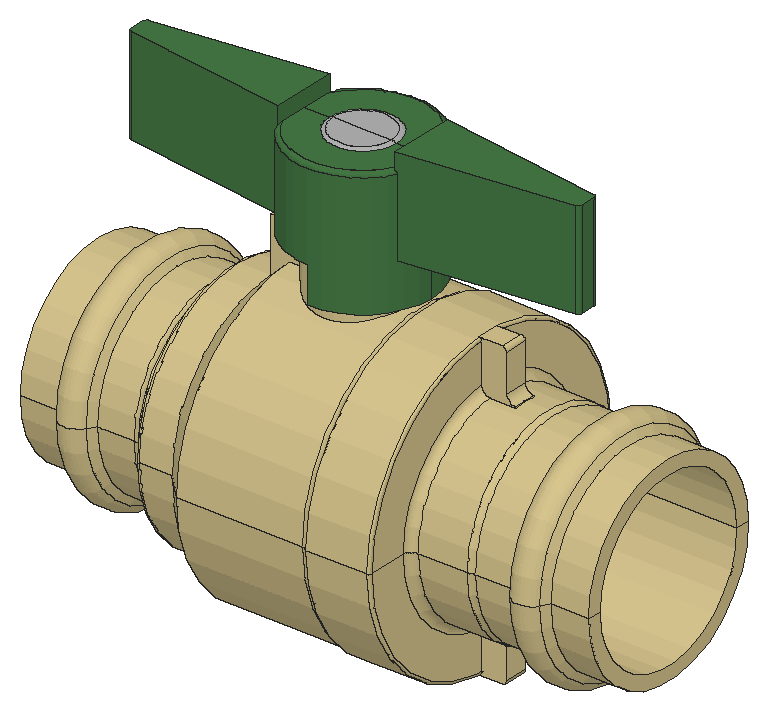
Revit family "QA12120000", category Apparecchi idraulici, Revit 2016
Family settings
  Tipo di parte = Normale
  Quota connettore circolare = Usa diametro
  Numero OmniClass = 23.45.00.00
  Titolo OmniClass = Sanitary, Laundry, and Cleaning Equipment
  Basato su piano di lavoro = No
  Sempre verticale = Sì
  Taglio con vuoti quando caricato = No
  Condiviso = No
  Punto di calcolo locali = No
Parameters
  URL = "https://web.cimberio.it/index.php/figura/1483?subcategoria_id=102"
  Produttore = "CIMBERIO SPA"
  Modello = "Cim 1222CRNL"
  DN Model [instance] = QA12125102 : QA12125102
  DN [instance] = 40 mm
Reference planes
  plane 1 "Centro (Fronte/Retro)": y = 0
  plane 2: z = 0
  plane 3 "Centro (Sinistra/Destra)": x = 0
Dimensions and locks
  aligned and locked: level to plane 2
Nested families
  nested 1: "QA12125102" at (0, 0, 0), type <- "DN Model", type "QA12125102"
    with DN 10 mm
  nested 2: "QA12125102" at (0, 0, 0), type <- "DN Model", type "QA12125102"
    with DN 10 mm
  nested 3: "QA12125102" at (0, 0, 0), type <- "DN Model", type "QA12125102"
    with DN 10 mm
  nested 4: "QA12125102" at (0, 0, 0), type <- "DN Model", type "QA12125102"
    with DN 10 mm
  nested 5: "QA12125102" at (0, 0, 0), type <- "DN Model", type "QA12125102"
    with DN 10 mm
  nested 6: "QA12125102" at (0, 0, 0), type <- "DN Model", type "QA12125102"
    with DN 10 mm
  nested 7: "QA12125102" at (0, 0, 0), type <- "DN Model", type "QA12125102"
    with DN 10 mm
  nested 8: "QA12125102" at (0, 0, 0), type <- "DN Model", type "QA12125102"
    with DN 10 mm
  nested 9: "QA12125102" at (0, 0, 0), type <- "DN Model", type "QA12125102"
    with DN 10 mm
Connectors
  piping at (71.15, 0, 0), diameter 40, driven by "DN"
    settings: on nested 1, index 1, connector inside diameter 609.6 mm, connector length 0 mm, flow factor 0, pipe flow 0.0 L/s, pressure drop 0.0 Pa, fitting loss kfactor 0, connector angle 0.00°, fixture units 0, engagement length 0 mm, angle of deflection 0.00°, flow configuration 0, flow direction 0, fitting loss method 0, system type 7, joint type 0, gender type 0, connector reference index -1, connector utility 0, adjustable connector no, is connector primary yes, connector description ""
  piping at (-61.25, 0, 0), diameter 40, driven by "DN"
    settings: on nested 1, index 2, connector inside diameter 609.6 mm, connector length 0 mm, flow factor 0, pipe flow 0.0 L/s, pressure drop 0.0 Pa, fitting loss kfactor 0, connector angle 0.00°, fixture units 0, engagement length 0 mm, angle of deflection 0.00°, flow configuration 0, flow direction 0, fitting loss method 0, system type 7, joint type 0, gender type 0, connector reference index -1, connector utility 0, adjustable connector no, is connector primary no, connector description ""
Definition of nested family "QA12125102"
  Parameters (values of type "QA12125102")
    DN [instance] = 10 mm  # constant formula
  Reference planes
    plane 1 "Centro (Fronte/Retro)": y = 0
    plane 2: z = 0
    plane 3 "Centro (Sinistra/Destra)": x = 0
  Forms (mm)
    Revolve 1, solid
      sketch origin (0, 0, 0) x (1, 0, 0) y (0, 1, 0)
        loop
          line (-61.244, 20) -> (71.15, 20) -> (71.15, 23.2) -> (62.253, 23.2) -> (61.215, 24.998)
          arc (61.215, 24.998) -> (57.751, 27) -> (54.286, 25) r 4
          line (54.286, 25) -> (53.247, 23.2) -> (44.747, 23.2)
          arc (44.747, 23.2) -> (43.972, 23.302) -> (43.25, 23.6) r 3
          line (43.25, 23.6) -> (31.75, 23.6)
          arc (31.75, 23.6) -> (30.336, 24.186) -> (29.75, 25.6) r 2
          line (29.75, 25.6) -> (29.75, 34.633)
          arc (29.75, 34.633) -> (29.644, 35.058) -> (29.25, 35.25) r 0.519
          line (29.25, 35.25) -> (15.25, 35.5)
          arc (15.25, 35.5) -> (14.562, 34.983) -> (13.722, 34.8) r 2.019
          line (13.722, 34.8) -> (-15.45, 34.8) -> (-21.25, 29) -> (-28.75, 29)
          arc (-28.75, 29) -> (-29.457, 28.707) -> (-29.75, 28) r 1
          line (-29.75, 28) -> (-29.75, 25.6)
          arc (-29.75, 25.6) -> (-30.336, 24.186) -> (-31.75, 23.6) r 2
          line (-31.75, 23.6) -> (-33.25, 23.6)
          arc (-33.25, 23.6) -> (-33.972, 23.302) -> (-34.747, 23.2) r 3
          line (-34.747, 23.2) -> (-43.247, 23.2) -> (-44.286, 25)
          arc (-44.286, 25) -> (-47.75, 27) -> (-51.214, 25) r 4
          line (-51.214, 25) -> (-52.369, 23) -> (-61.25, 23) -> (-61.244, 20)
        axis (-61.25, 0) -> (71.15, 0)
      angle from 0 to 360
    Extrusion 2, solid
      sketch origin (0, 0, 0) x (1, 0, 0) y (0, 0, 1)
        loop
          line (29.25, 35.216) -> (29.25, 22.582) -> (37.747, 22.582) -> (37.747, 23.559)
          arc (37.747, 23.559) -> (36.335, 24.144) -> (35.75, 25.556) r 1.997
          line (35.75, 25.556) -> (35.75, 34.216)
          arc (35.75, 34.216) -> (35.457, 34.923) -> (34.75, 35.216) r 1
          line (34.75, 35.216) -> (29.25, 35.216)
        loop
          line (29.25, -35.216) -> (34.75, -35.216)
          arc (34.75, -35.216) -> (35.457, -34.923) -> (35.75, -34.216) r 1
          line (35.75, -34.216) -> (35.75, -25.556)
          arc (35.75, -25.556) -> (36.335, -24.144) -> (37.747, -23.559) r 1.997
          line (37.747, -23.559) -> (37.747, -22.582) -> (29.25, -22.582) -> (29.25, -35.216)
      from -2.528 to 2.75
    Revolve 3, solid
      sketch origin (0, 0, 0) x (1, 0, 0) y (0, 0, 1)
        loop
          line (0.056, 47.8) -> (-10, 47.8) -> (-10, 43) -> (-11.388, 43) -> (-11.388, 31.761) -> (0.056, 31.761) -> (0.056, 47.8)
        axis (0.056, 31.761) -> (0.056, 47.8)
      angle from 0 to 360
    Extrusion 4, solid
      sketch origin (0, 0, 0) x (1, 0, 0) y (0, 0, 1)
        loop
          line (-11.388, 43) -> (-20, 43) -> (-20, 28.911) -> (-11.388, 28.911) -> (-11.388, 43)
      from -1.6 to 1.7
    Revolve 5, solid
      sketch origin (0, 0, 0) x (1, 0, 0) y (0, 0, 1)
        loop
          line (0, 54.3) -> (-9.25, 54.3) -> (-9.25, 51.8) -> (0, 51.8) -> (0, 54.3)
        axis (0, 54.3) -> (0, 51.8)
      angle from 0 to 360
    Revolve 6, solid
      sketch origin (0, 0, 2.837) x (1, 0, 0) y (0, 0, 1)
        loop
          line (0, 64.3) -> (0, 62) -> (8.25, 62) -> (8.25, 62.8)
          arc (8.25, 62.8) -> (7.811, 63.861) -> (6.75, 64.3) r 1.5
          line (6.75, 64.3) -> (0, 64.3)
        axis (0, 64.3) -> (0, 62)
      angle from 0 to 360
    Revolve 7, solid
      sketch origin (0, 0, 0) x (1, 0, 0) y (0, 0, 1)
        loop
          arc (-15, 66.8) -> (-15.707, 66.507) -> (-16, 65.8) r 1
          line (-16, 65.8) -> (-16, 37.309) -> (0, 37.309) -> (0, 66.8) -> (-15, 66.8)
        axis (0, 66.8) -> (0, 37.309)
      angle from 0 to 360
    Extrusion 8, void
      sketch origin (0, 0, 28.55) x (1, 0, 0) y (0, 1, 0)
        loop
          line (-10.868, -1.7) -> (-16.923, -1.7)
          arc (-16.923, -1.7) -> (-11.41, -12.613) -> (0, -17.008) r 17.008
          line (0, -17.008) -> (0, -11)
          arc (0, -11) -> (-7.152, -8.358) -> (-10.868, -1.7) r 11
      from 7.714 to 17.259
    Extrusion 9, solid
      sketch origin (0, 0, 28.55) x (1, 0, 0) y (0, 1, 0)
        loop
          arc (-51.631, 2.614) -> (-52.253, 2.282) -> (-52.5, 1.621) r 1
          line (-52.5, 1.621) -> (-52.5, -1.625)
          arc (-52.5, -1.625) -> (-52.251, -2.283) -> (-51.631, -2.614) r 1
          line (-51.631, -2.614) -> (-13.672, -7.612) -> (-13.672, 7.612) -> (-51.631, 2.614)
        loop
          line (51.631, 2.614) -> (13.672, 7.612) -> (13.672, -7.612) -> (51.631, -2.614)
          arc (51.631, -2.614) -> (52.251, -2.283) -> (52.5, -1.625) r 1
          line (52.5, -1.625) -> (52.5, 1.621)
          arc (52.5, 1.621) -> (52.253, 2.282) -> (51.631, 2.614) r 1
      from 19.25 to 41.75
  Cuts and joins
    Extrusion 8 cuts Revolve 1
    Extrusion 8 cuts Extrusion 4
    Extrusion 8 cuts Revolve 7
  Dimensions and locks
    aligned and locked: level to plane 2
